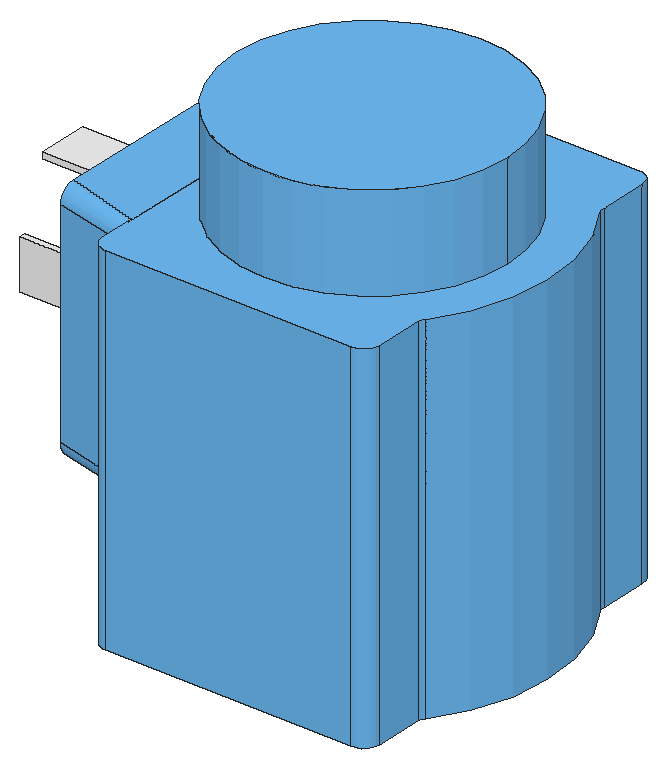
Revit family "BB Coil_RFA_1", category Pipe Accessories, Revit 2019
Family settings
  Round Connector Dimension = Use Diameter
  Part Type = Normal
  OmniClass Number = 23.65.55.14.17
  OmniClass Title = Adjusting/Controlling Valves for Liquid Services
  Work Plane-Based = No
  Always vertical = Yes
  Cut with Voids When Loaded = No
  Shared = Yes
Parameters (values of type "BB024AS_24V_AC_018F7358")
  Weight = 0.252 kg
  W = 45.5 mm
  Voltage [instance] = 24 V
  URL = "https://store.danfoss.com/en/Climate-Solutions-for-cooling/Valves/Valve-Coils/Coils-for-Solenoid-Valves/c/2220?q=%3Arelevance%3Adanfoss_producttypehierarchydesc%3ABB230AS%3Adanfoss_producttypehierarchydesc%3ABB024AS%3Adanfoss_producttypehierarchydesc%3ABB012DS%3Adanfoss_producttypehierarchydesc%3ABB024DS&text="
  Power [instance] = 19 VA
  Model Type = "BB024AS_24V_AC"
  Model = "018F7358"
  Min Ambient Temperature = "-40 °C"  # constant formula
  Max Ambient Temperature = "80 °C"  # constant formula
  Manufacturer = "Danfoss"  # constant formula
  LOD 350 [instance] = not(LOD 200)  # yes
  LOD 200 [instance] = no
  L = 61.354 mm
  IfcExportType = "BB Coil"  # constant formula
  IfcExportAs = "IfcValveType"  # constant formula
  H = 57.2 mm
  Function = "NC/NO"
  Frequency = 50 Hz
  Description = "Solenoid Coil"  # constant formula
  Body Material = Danfoss Plastic Light Blue
Types (5, lengths in mm): name | Voltage | Power | Model Type | Model | Function | Frequency
  (no name) | 24 V | 19 VA | "BB024AS_24V_AC" | "018F7358" | "NC/NO" | 50 Hz
  BB230AS_230V_AC_018F7351 | 230 V | 19 VA | "BB230AS_230V_AC_50Hz" | "018F7351" | "NC/NO" | 50 Hz
  BB024AS_24V_AC_018F7358 | 24 V | 19 VA | "BB024AS_24V_AC" | "018F7358" | "NC/NO" | 50 Hz
  BB012DS_12V_DC_018F7396 | 12 V | 13 VA | "BB012DS_12V_DC" | "018F7396" | "NC/NO/UN" | 0 Hz
  BB024DS_24V_DC_018F7397 | 24 V | 16 VA | "BB024DS_24V_DC" | "018F7397" | "NC/NO/UN" | 0 Hz
Reference planes
  plane 1 "Center (Front/Back)": y = 0
  plane 2: z = 0
  plane 3 "Center (Left/Right)": x = 0
  plane 4 "left": x = -64
  plane 5: z = 30.036
  plane 6: x = -53.019
  plane 7: z = 57.2
  plane 8: x = 22.254
  plane 9: x = -39.1
  plane 10: y = -22.75
  plane 11: y = 22.75
Forms (mm)
  Extrusion 1, solid, material "Danfoss Plastic Light Blue" <- "Body Material"
    sketch origin (0, 0, 0) x (1, 0, 0) y (0, 1, 0)
      loop
        circle (0, 0) r 17.116
    from 45.2 to 57.2
  Extrusion 2, solid, material "Danfoss Plastic Light Blue" <- "Body Material", visible <- "LOD 350"
    sketch origin (0, 0, 0) x (1, 0, 0) y (0, 1, 0)
      loop
        line (15.5, 22.75) -> (-15.5, 22.75)
        arc (-15.5, 22.75) -> (-16.914, 22.164) -> (-17.5, 20.75) r 2
        line (-17.5, 20.75) -> (-17.5, -20.75)
        arc (-17.5, -20.75) -> (-16.914, -22.164) -> (-15.5, -22.75) r 2
        line (-15.5, -22.75) -> (15.5, -22.75)
        arc (15.5, -22.75) -> (16.914, -22.164) -> (17.5, -20.75) r 2
        line (17.5, -20.75) -> (17.5, -14.663)
        arc (17.5, -14.663) -> (17.572, -14.206) -> (17.782, -13.794) r 1.477
        arc (17.782, -13.794) -> (22.254, -0.031) -> (17.782, 13.732) r 23.416
        arc (17.782, 13.732) -> (17.572, 14.177) -> (17.5, 14.663) r 1.675
        line (17.5, 14.663) -> (17.5, 20.75)
        arc (17.5, 20.75) -> (16.914, 22.164) -> (15.5, 22.75) r 2
    from 0 to 45.2
  Extrusion 3, solid, material "Danfoss Plastic Light Blue" <- "Body Material", visible <- "LOD 350"
    sketch origin (0, 0, 0) x (1, 0, 0) y (0, 1, 0)
      loop
        arc (-17.5, 14.619) -> (-17.572, 14.14) -> (-17.825, 13.727) r 1.224
        arc (-17.825, 13.727) -> (-22.499, -0.004) -> (-17.825, -13.735) r 22.506
        arc (-17.825, -13.735) -> (-17.588, -14.173) -> (-17.5, -14.663) r 1.565
        line (-17.5, -14.663) -> (-17.5, 14.619)
    from 0 to 17.618
  Blend 4, solid, material "Danfoss Plastic Light Blue" <- "Body Material", visible <- "LOD 350"
    base sketch origin (0, 0, 0) x (0, 1, 0) y (0, 0, -1)
      loop
        line (-16.193, -45.2) -> (16.193, -45.2)
        arc (16.193, -45.2) -> (17.271, -44.44) -> (17.748, -43.21) r 2.281
        line (17.748, -43.21) -> (17.748, -16.2)
        arc (17.748, -16.2) -> (17.186, -14.81) -> (15.816, -14.2) r 2.001
        line (15.816, -14.2) -> (-15.816, -14.2)
        arc (-15.816, -14.2) -> (-17.186, -14.81) -> (-17.748, -16.2) r 2.001
        line (-17.748, -16.2) -> (-17.748, -43.21)
        arc (-17.748, -43.21) -> (-17.31, -44.47) -> (-16.193, -45.2) r 2.067
    top sketch origin (0, 0, 0) x (0, 1, 0) y (0, 0, -1)
      loop
        line (15.5, -43.2) -> (15.5, -16.2)
        arc (15.5, -16.2) -> (14.993, -14.864) -> (13.727, -14.2) r 2.015
        line (13.727, -14.2) -> (-13.5, -14.2)
        arc (-13.5, -14.2) -> (-14.914, -14.786) -> (-15.5, -16.2) r 2
        line (-15.5, -16.2) -> (-15.5, -43.2)
        arc (-15.5, -43.2) -> (-14.914, -44.614) -> (-13.5, -45.2) r 2
        line (-13.5, -45.2) -> (13.5, -45.2)
        arc (13.5, -45.2) -> (14.914, -44.614) -> (15.5, -43.2) r 2
    from 17.5 to 27
  Extrusion 5, solid, material "Danfoss Brass (Tin plated)", visible <- "LOD 350"
    sketch origin (-64, 0, 0) x (0, 1, 0) y (0, 0, 1)
      loop
        line (9.4, 33.399) -> (8.6, 33.399) -> (8.6, 27.199) -> (9.4, 27.199) -> (9.4, 33.399)
      loop
        line (-8.6, 33.399) -> (-9.4, 33.399) -> (-9.4, 27.199) -> (-8.6, 27.199) -> (-8.6, 33.399)
    from 26.988 to 64
  Extrusion 6, solid, material "Danfoss Brass (Tin plated)", visible <- "LOD 350"
    sketch origin (-64, 0, 0) x (0, 1, 0) y (0, 0, 1)
      loop
        line (3.15, 39.598) -> (-3.15, 39.598) -> (-3.15, 38.798) -> (3.15, 38.798) -> (3.15, 39.598)
    from 24.9 to 64
  Extrusion 7, solid, material "Danfoss Plastic Light Blue" <- "Body Material", visible <- "LOD 200"
    sketch origin (0, 0, 0) x (1, 0, 0) y (0, 1, 0)
      loop
        line (22.254, 22.75) -> (-27, 22.75) -> (-27, -22.75) -> (22.254, -22.75) -> (22.254, 22.75)
    from 0 to 45.2
Dimensions and locks
  "H": plane 7 to plane 2
  "W": plane 10 to plane 11
  "L": plane 8 to plane 9
  aligned and locked: level to plane 2
  aligned and locked: plane 3 "Center (Left/Right)" to Extrusion 5
  aligned and locked: plane 3 "Center (Left/Right)" to Extrusion 6
  aligned and locked: Extrusion 7 sketch curve to Extrusion 2  (x2)
  aligned and locked: Extrusion 7 sketch curve to Blend 4
  aligned and locked: plane 7 to Extrusion 1
  aligned and locked: plane 8 to Extrusion 7
  aligned and locked: plane 9 to Extrusion 6
  aligned and locked: plane 10 to Extrusion 7
  aligned and locked: plane 11 to Extrusion 7
Automatic sketch dimensions
  plane 1 "Center (Front/Back)" to Extrusion 1 sketch curve = 0 mm
  Extrusion 1 sketch curve to plane 3 "Center (Left/Right)" = 0 mm
  Extrusion 2 sketch curve to plane 3 "Center (Left/Right)" = 17.5 mm
  Extrusion 2 sketch curve to Extrusion 2 sketch curve = 2 mm  (x4)
  plane 1 "Center (Front/Back)" to Extrusion 2 sketch curve = 0.031 mm
  Extrusion 2 sketch curve to plane 3 "Center (Left/Right)" = 1.162 mm
  plane 3 "Center (Left/Right)" to Extrusion 2 sketch curve = 15.5 mm  (x2)
  Extrusion 2 sketch curve to Extrusion 2 sketch curve = 1.477 mm
  Extrusion 2 sketch curve to Extrusion 2 sketch curve = 1.675 mm
  Extrusion 3 sketch curve to plane 3 "Center (Left/Right)" = 19.064 mm
  Extrusion 3 sketch curve to plane 3 "Center (Left/Right)" = 18.723 mm
  Extrusion 3 sketch curve to Extrusion 3 sketch curve = 1.564 mm
  plane 1 "Center (Front/Back)" to Extrusion 3 sketch curve = 0.004 mm
  plane 3 "Center (Left/Right)" to Extrusion 3 sketch curve = 0.007 mm
  Extrusion 3 sketch curve to Extrusion 3 sketch curve = 0.026 mm
  Blend 4 sketch curve to Blend 4 sketch curve = 1.555 mm
  Blend 4 sketch curve to Blend 4 sketch curve = 1.932 mm
  Blend 4 sketch curve to Blend 4 sketch curve = 0.069 mm
  Blend 4 sketch curve to Blend 4 sketch curve = 0.512 mm
  Blend 4 sketch curve to Blend 4 sketch curve = 2.001 mm
  Blend 4 sketch curve to plane 7 = 12 mm  (x2)
  Blend 4 sketch curve to Blend 4 sketch curve = 1.99 mm  (x2)
  Blend 4 sketch curve to plane 5 = 13.836 mm  (x2)
  Extrusion 5 sketch curve to Extrusion 5 sketch curve = 0.8 mm  (x2)
  Extrusion 5 sketch curve to plane 5 = 2.837 mm  (x2)
  plane 5 to Extrusion 5 sketch curve = 3.363 mm  (x2)
  plane 1 "Center (Front/Back)" to Extrusion 6 sketch curve = 3.15 mm
  Extrusion 6 sketch curve to plane 1 "Center (Front/Back)" = 3.15 mm
  plane 5 to Extrusion 6 sketch curve = 8.762 mm
  Extrusion 6 sketch curve to Extrusion 6 sketch curve = 0.8 mm
  plane 3 "Center (Left/Right)" to Extrusion 7 sketch curve = 22.254 mm
  plane 1 "Center (Front/Back)" to Extrusion 2 sketch curve = 14.663 mm
  plane 1 "Center (Front/Back)" to Extrusion 2 sketch curve = 20.75 mm
  plane 1 "Center (Front/Back)" to Extrusion 3 sketch curve = 14.663 mm
  plane 1 "Center (Front/Back)" to Blend 4 sketch curve = 15.681 mm
  plane 1 "Center (Front/Back)" to Blend 4 sketch curve = 13.5 mm  (x2)
  Blend 4 sketch curve to Blend 4 sketch curve = 2 mm
  plane 1 "Center (Front/Back)" to Extrusion 5 sketch curve = 8.6 mm
  Extrusion 2 sketch curve to plane 1 "Center (Front/Back)" = 14.663 mm
  Extrusion 2 sketch curve to plane 1 "Center (Front/Back)" = 20.75 mm
  Extrusion 2 sketch curve to Extrusion 2 sketch curve = 0.282 mm
  Extrusion 3 sketch curve to plane 1 "Center (Front/Back)" = 14.559 mm
  Extrusion 3 sketch curve to Extrusion 3 sketch curve = 0.06 mm
  Extrusion 3 sketch curve to Extrusion 3 sketch curve = 0.325 mm
  Blend 4 sketch curve to plane 1 "Center (Front/Back)" = 15.473 mm
  Blend 4 sketch curve to plane 1 "Center (Front/Back)" = 15.746 mm
  Blend 4 sketch curve to Blend 4 sketch curve = 0.07 mm
  Blend 4 sketch curve to Blend 4 sketch curve = 0.72 mm
  Blend 4 sketch curve to plane 1 "Center (Front/Back)" = 13.485 mm
  Blend 4 sketch curve to plane 1 "Center (Front/Back)" = 13.5 mm
  Blend 4 sketch curve to Blend 4 sketch curve = 0.242 mm
  Blend 4 sketch curve to Blend 4 sketch curve = 2.015 mm
  Extrusion 5 sketch curve to plane 1 "Center (Front/Back)" = 8.6 mm
  radius of Extrusion 1 sketch curve = 17.116 mm
